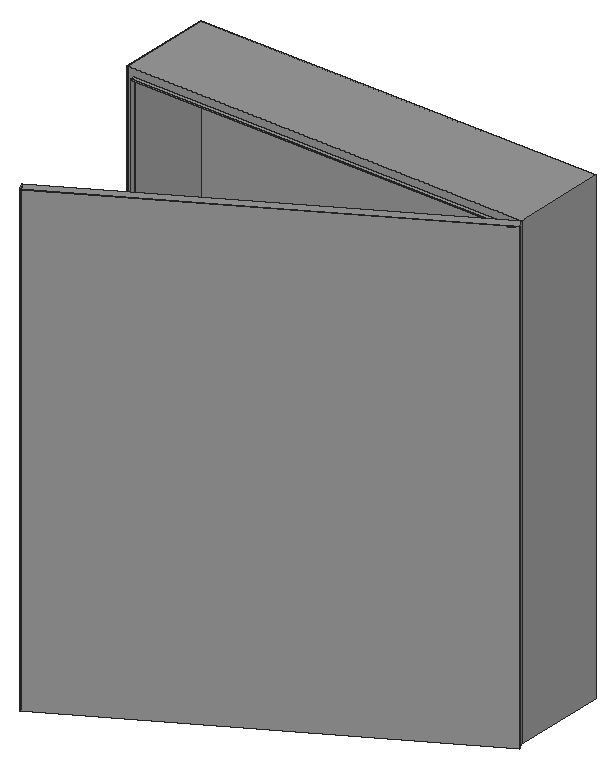
Revit family "Hager-Univers-IP54-D205-H950-Cl.I-Encl-NoHosted-CH-de", category Equipement électrique, Revit 2020
Family settings
  Configuration du panneau = Deux colonnes, circuits au sein
  Cote de connecteur circulaire = Utiliser le diamètre
  Type d'élément = Tableau de raccordement
  Basée sur le plan de construction = Oui
  Toujours verticalement = Oui
  Couper avec des vides une fois chargée = Non
  Partagée = Non
  Point de calcul de pièce = Non
Parameters (values of type "Aufputz IP54 B800 H950 T205  - FP63TW2")
  Width Control [instance] = if([EF000008 - Breite] > Min Width, [EF000008 - Breite], Min Width)  # 800 mm
  Commentaires du type = [HG000003 - Bereich]  # "Univers"
  Thickness Door [instance] = if([EF009171 - Materialstärke Tür/Deckel] > 3 mm, 3 mm, [EF009171 - Materialstärke Tür/Deckel])  # 1 mm
  Seal Frame Offset [instance] = 17 mm  # constant formula
  Plinth Visibility [instance] = [HG000027 - Sockelhöhe] > 0 mm  # no
  Min Width [instance] = 100 mm  # constant formula
  Min Depth [instance] = (2 * [EF009170 - Materialstärke Gehäuse]) + 1 mm  # 3 mm
  Min Height [instance] = 100 mm  # constant formula
  Internal Frame Depth [instance] = (Door System Depth * 0.5)  # 9 mm
  Panel Name [instance] = ""  # (empty or 0)
  Model = ""
  HG000027 - Sockelhöhe = 0 mm
  HG000026 - Stehend auf dem Boden = no
  HG000024 - Höhe des unteren Teils = 600 mm
  HG000023 - Gehäuse mit doppeltem Querschnitt = no
  HG000016 - 3D-Türsichtbarkeit [instance] = yes
  HG000015 - Sichtbarkeit der Türöffnung [instance] = no
  HG000014 - Tür rechts [instance] = yes
  HG000013 - Tür links [instance] = not([HG000014 - Tür rechts])  # no
  HG000012 - Türschwenkwinkel [instance] = 30.00°
  HG000010 - Asymmetrische Türen = no
  HG000009 - Doppelflügeligen Tür = no
  HG000006 - Unterputz = no
  HG000004 - Herstellerreferenz = "FP63TW2"
  HG000003 - Bereich = "Univers"
  HG000002 - Mit tür = yes
  Frame Offset Bottom [instance] = 10 mm  # constant formula
  Frame Offset [instance] = 15 mm  # constant formula
  EF015940 - Deckel mit Überdruckentlastung = no
  EF011959 - Schutzart (NEMA) = ""
  EF009554 - Anzahl der Öffnungen für Flanschplatten = 6
  EF009212 - Ausführung Deckel = "EV000116 - geschlossen"
  EF009171 - Materialstärke Tür/Deckel = 1 mm
  EF009170 - Materialstärke Gehäuse = 1 mm
  EF008873 - Nennstrom (In) = 250 A
  EF007800 - Geeignet für Blitzschutz = no
  EF006306 - Mit Schloss = no
  EF006244 - Transparenter Deckel/Tür = no
  EF005474 - Schutzart (IP) = "EV006419 - IP54"
  EF004464 - Art der Tür = "EV002646 - Einzel"
  EF004427 - Anzahl der Module = 216
  EF004293 - Schlagfestigkeit = "EV006815 - IK09"
  EF003532 - Geeignet für Außengebrauch = no
  EF002950 - Breite in Teilungseinheiten = 36
  EF001613 - Funktionserhalt = "EV000494 - ohne"
  EF001596 - Werkstoff des Gehäuses = "EV000179 - Stahl"
  EF001131 - Innentiefe = 130 mm
  EF001088 - Anbaumöglichkeit = yes
  EF000437 - Anzahl der Leitungseinführungen = 6
  EF000339 - Art der Abdeckung = "EV001012 - Deckel"
  EF000266 - Anzahl der Reihen = 6
  EF000218 - Einbautiefe = 205 mm
  EF000118 - Mit Montageplatte = no
  EF000116 - RAL-Nummer = "9010"
  EF000049 - Tiefe = 205 mm
  EF000040 - Höhe = 950 mm
  EF000008 - Breite = 800 mm
  EF000007 - Farbe = "EV000202 - weiß"
  EF000003 - Montageart = "EV000384 - Aufputz"
  Door System Leaf Tolerance [instance] = 1.5 mm  # constant formula
  Door System Depth [instance] = 18 mm  # constant formula
  Door Height [instance] = Height Control - [HG000027 - Sockelhöhe]  # 950 mm
  Description = ""
  Default Elevation = 1219.2 mm
  Connector Offset [instance] = Height Control / 2  # 475 mm
  Fabricant = "Hager"  # constant formula
  Height Control [instance] = if([EF000040 - Höhe] > Min Height, [EF000040 - Höhe], Min Height)  # 950 mm
  Depth Control [instance] = if([EF000049 - Tiefe] > Min Depth, [EF000049 - Tiefe], Min Depth)  # 205 mm
  Bottom Top Plate Trim [instance] = 1.5 mm  # constant formula
  Plinth height Ctrl [instance] = if([HG000027 - Sockelhöhe] > 0 mm, [HG000027 - Sockelhöhe], 12 mm)  # 12 mm
Types (5, lengths in mm): name | Width Control | HG000004 - Herstellerreferenz | EF009554 - Anzahl der Öffnungen für Flanschplatten | EF004464 - Art der Tür | EF004427 - Anzahl der Module | EF002950 - Breite in Teilungseinheiten | EF000437 - Anzahl der Leitungseinführungen | EF000008 - Breite
  Aufputz IP54 B1050 H950 T205  - FP64TW2 | 1050 | "FP64TW2" | 8 | "EV003602 - Doppel" | 288 | 48 | 8 | 1050
  Aufputz IP54 B1300 H950 T205  - FP65TW2 | 1300 | "FP65TW2" | 10 | "EV003602 - Doppel" | 360 | 60 | 10 | 1300
  Aufputz IP54 B300 H950 T205  - FP61TW2 | 300 | "FP61TW2" | 2 | "EV002646 - Einzel" | 72 | 12 | 2 | 300
  Aufputz IP54 B550 H950 T205  - FP62TW2 | 550 | "FP62TW2" | 4 | "EV002646 - Einzel" | 144 | 24 | 4 | 550
  Aufputz IP54 B800 H950 T205  - FP63TW2 | 800 | "FP63TW2" | 6 | "EV002646 - Einzel" | 216 | 36 | 6 | 800
Reference planes
  plane 1 "Center (Front/Back)": y = 0
  plane 2: z = 0
  plane 3 "Center (Left/Right)": x = 0
  plane 4: y = 0
  plane 5: y = 0
  plane 6: z = 0
  plane 7: x = -400
  plane 8: x = 400
  plane 9: x = 399
  plane 10: x = -399
  plane 11: z = 0
  plane 12: z = 1
  plane 13: y = -205
  plane 14: y = -1
  plane 15: x = 0
  plane 16: y = -187
  plane 17: y = -204
  plane 18: y = -186
  plane 19: x = -384
  plane 20: x = 384
  plane 21: z = 11
  plane 22: x = -383
  plane 23: x = 383
  plane 24: z = 0
  plane 25: z = 950
  plane 26: z = 950
  plane 27: z = 934
  plane 28: z = 949
Forms (mm)
  Extrusion 1, solid, material "Hager_Steel_RAL7035_Light_Grey", detail levels medium+fine
    sketch origin (-208.679, -4572, 0) x (-1, 0, 0) y (0, -1, 0)
      loop
        line (191.321, -4385) -> (-608.679, -4385) -> (-608.679, -4572) -> (191.321, -4572) -> (191.321, -4385)
    from 0 to 950
  Extrusion 2, void
    sketch origin (-350.771, -205, 1219.2) x (1, 0, 0) y (0, 0, 1)
      loop
        line (-48.229, -270.2) -> (-48.229, -1218.2) -> (749.771, -1218.2) -> (749.771, -270.2) -> (-48.229, -270.2)
    from -19 to -204
  Extrusion 3, void
    sketch origin (-290.084, -187, 1219.2) x (1, 0, 0) y (0, 0, 1)
      loop
        line (-93.916, -1208.2) -> (674.084, -1208.2) -> (674.084, -285.2) -> (-93.916, -285.2) -> (-93.916, -1208.2)
    from 0 to -1
  Extrusion 4, solid, material "Hager_Steel_RAL7035_Light_Grey", visible <- "Plinth Visibility", detail levels medium+fine
    sketch origin (0, 0, 0) x (1, 0, 0) y (0, 1, 0)
      loop
        line (-400, 0) -> (-400, -187) -> (400, -187) -> (400, 0) -> (-400, 0)
    from 0 to 12 <- "Plinth height Ctrl"
  Extrusion 5, solid, material "Hager_Steel_RAL7035_Light_Grey", detail levels coarse
    sketch origin (0, 0, 0) x (1, 0, 0) y (0, 1, 0)
      loop
        line (-400, 0) -> (-400, -205) -> (400, -205) -> (400, 0) -> (-400, 0)
    from 0 to 950 <- "Height Control"
  Sweep 6, void
    path in 3D
      loop
        line (-400, -187, 12) -> (400, -187, 12) -> (400, 0, 12) -> (-400, 0, 12) -> (-400, -187, 12)
    profile origin (-400, -93.5, 12) x (1, 0, 0) y (0, 0, 1)
      loop
        line (0, 0) -> (0, -1.5) -> (1.5, -1.5)
        arc (1.5, -1.5) -> (1.061, -0.439) -> (0, 0) r 1.5
  Extrusion 7, solid, material "Hager_Steel_RAL7035_Light_Grey", detail levels fine
    sketch origin (-400, -187, 0) x (1, 0, 0) y (0, 0, 1)
      loop
        line (16, 11) -> (784, 11) -> (784, 934) -> (16, 934) -> (16, 11)
      loop
        line (15, 10) -> (785, 10) -> (785, 935) -> (15, 935) -> (15, 10)
    from 0 to 9 <- "Internal Frame Depth"
Cuts and joins
  Extrusion 2, Extrusion 3 cuts Extrusion 1
  Sweep 6 cuts Extrusion 4
Lines and regions (mm)
  Masking region 1
    outline origin (0, 0, 0) x (1, 0, 0) y (0, 1, 0)
      loop
        line (-400, 0) -> (-400, -205) -> (400, -205) -> (400, 0) -> (-400, 0)
  Masking region 2, detail levels coarse
    outline origin (-290.084, -187, 1219.2) x (-1, 0, 0) y (0, 0, 1)
      loop
        line (-690.084, -1219.2) -> (109.916, -1219.2) -> (109.916, -269.2) -> (-690.084, -269.2) -> (-690.084, -1219.2)
  Masking region 3, detail levels coarse
    outline origin (0, 0, 0) x (0, 1, 0) y (0, 0, 1)
      loop
        line (0, 0) -> (0, 950) -> (-205, 950) -> (-205, 0) -> (0, 0)
  Masking region 4, visible <- "Plinth Visibility", detail levels medium+fine
    outline origin (0, 0, 0) x (0, 1, 0) y (0, 0, 1)
      loop
        line (-1.5, 12) -> (-185.5, 12)
        arc (-185.5, 12) -> (-185.939, 10.939) -> (-187, 10.5) r 1.5
        line (-187, 10.5) -> (-187, 0) -> (0, 0) -> (0, 10.5)
        arc (0, 10.5) -> (-1.061, 10.939) -> (-1.5, 12) r 1.5
  Masking region 5, detail levels medium+fine
    outline origin (0, 0, 594.038) x (0, 1, 0) y (0, 0, 1)
      loop
        line (0, -594.038) -> (0, 355.962) -> (-187, 355.962) -> (-187, -594.038) -> (0, -594.038)
  Masking region 6, detail levels medium+fine
    outline origin (-359.7, -187, 1211.883) x (-1, 0, 0) y (0, 0, 1)
      loop
        line (-759.7, -1211.883) -> (40.3, -1211.883) -> (40.3, -261.883) -> (-759.7, -261.883) -> (-759.7, -1211.883)
  Masking region 7, visible <- "Plinth Visibility", detail levels medium+fine
    outline origin (-320.334, -187, 1041.368) x (-1, 0, 0) y (0, 0, 1)
      loop
        line (-720.334, -1041.368) -> (79.666, -1041.368) -> (79.666, -1030.868)
        arc (79.666, -1030.868) -> (78.606, -1030.429) -> (78.166, -1029.368) r 1.5
        line (78.166, -1029.368) -> (-718.834, -1029.368)
        arc (-718.834, -1029.368) -> (-719.273, -1030.429) -> (-720.334, -1030.868) r 1.5
        line (-720.334, -1030.868) -> (-720.334, -1041.368)
  sketch lines
    curve 1: line (-400, 0, 12) -> (-400, -187, 12)
    curve 2: line (-400, -187, 12) -> (400, -187, 12)
    curve 3: line (400, 0, 12) -> (-400, 0, 12)
    curve 4: line (400, -187, 12) -> (400, 0, 12)
Dimensions and locks
  locked: plane 1 "Center (Front/Back)" to plane 5
  "EF009170 - Materialstärke Gehäuse": plane 7 to plane 10
  "EF009170 - Materialstärke Gehäuse": plane 8 to plane 9
  equal spacing: plane 7, plane 3 "Center (Left/Right)", plane 8
  "Width Control": plane 7 to plane 8
  "Depth Control": plane 4 to plane 13
  "EF009170 - Materialstärke Gehäuse": plane 4 to plane 14
  "Height Control": plane 25 to level
  "HG000027 - Sockelhöhe": plane 11 to level
  "EF009170 - Materialstärke Gehäuse": plane 12 to plane 11
  "EF009170 - Materialstärke Gehäuse": plane 17 to plane 13
  "EF009170 - Materialstärke Gehäuse": plane 18 to plane 16
  "Frame Offset Bottom": plane 21 to plane 12
  "Frame Offset": plane 10 to plane 19
  "Frame Offset": plane 9 to plane 20
  "Door System Depth": plane 16 to plane 13
  "Seal Frame Offset": plane 7 to plane 22
  "Seal Frame Offset": plane 8 to plane 23
  "EF009170 - Materialstärke Gehäuse": plane 26 to plane 28
  "Frame Offset": plane 28 to plane 27
  "Connector Offset": plane 2 to connector elem
  "Bottom Top Plate Trim": profile plane to Sweep 6 sketch curve
  "Bottom Top Plate Trim": Sweep 6 sketch curve to Sweep 6 sketch curve
  "Plinth height Ctrl": Masking region 4 sketch curve to level
  "Plinth height Ctrl": Masking region 7 sketch curve to level
  "Thickness Door": Extrusion 7 sketch curve to Extrusion 7 sketch curve  (x4)
  "Bottom Top Plate Trim": radius of Sweep 6 sketch curve
  "Bottom Top Plate Trim": radius of Masking region 4 sketch curve  (x2)
  "Bottom Top Plate Trim": radius of Masking region 7 sketch curve  (x2)
  aligned and locked: Extrusion 2 sketch curve to plane 12
  aligned and locked: Extrusion 2 sketch curve to plane 9
  aligned and locked: Extrusion 2 sketch curve to plane 10
  aligned and locked: Extrusion 2 to plane 14
  aligned and locked: Extrusion 1 sketch curve to plane 4
  aligned and locked: plane 8 to Extrusion 1 sketch curve
  aligned and locked: plane 7 to Extrusion 1 sketch curve
  aligned and locked: Extrusion 2 to plane 18
  aligned and locked: Extrusion 3 sketch curve to plane 19
  aligned and locked: plane 20 to Extrusion 3 sketch curve
  aligned and locked: Extrusion 3 to Extrusion 2
  aligned and locked: Extrusion 3 sketch curve to plane 21
  aligned and locked: plane 3 "Center (Left/Right)" to nested 1
  aligned and locked: Extrusion 1 sketch curve to plane 16
  aligned and locked: Extrusion 4 sketch curve to cut or joined group of Extrusion 1, Extrusion 2, Extrusion 3
  aligned and locked: Masking region 1 sketch curve to plane 7
  aligned and locked: Masking region 1 sketch curve to plane 5
  aligned and locked: Masking region 1 sketch curve to plane 8
  aligned and locked: Masking region 2 sketch curve to level
  aligned and locked: level to Masking region 3 sketch curve
  aligned and locked: plane 1 "Center (Front/Back)" to Masking region 3 sketch curve
  aligned and locked: plane 13 to Masking region 3 sketch curve
  aligned and locked: plane 5 to Masking region 4 sketch curve
  aligned and locked: Masking region 2 sketch curve to plane 8
  aligned and locked: Masking region 2 sketch curve to plane 7
  aligned and locked: plane 7 to nested 2
  aligned and locked: nested 2 to plane 5
  aligned and locked: plane 5 to Masking region 5 sketch curve
  aligned and locked: plane 26 to Masking region 5 sketch curve
  aligned and locked: Extrusion 5 sketch curve to plane 8
  aligned and locked: Extrusion 5 sketch curve to plane 7
  aligned and locked: Extrusion 5 sketch curve to plane 5
  aligned and locked: Extrusion 3 sketch curve to plane 27
  aligned and locked: Extrusion 2 sketch curve to plane 28
  aligned and locked: Masking region 2 to plane 25
  aligned and locked: Extrusion 4 to plane 16
  aligned and locked: profile plane to Sweep 6 sketch curve
  aligned and locked: Masking region 5 sketch curve to plane 24
  aligned and locked: level to Masking region 4 sketch curve
  aligned and locked: Masking region 1 to plane 13
  aligned and locked: nested 1 to plane 16
  aligned and locked: Masking region 3 to plane 25
  aligned and locked: plane 16 to Masking region 4 sketch curve
  aligned and locked: Masking region 5 sketch curve to plane 16
  aligned and locked: plane 24 to plane 11
  aligned and locked: plane 26 to plane 25
  aligned and locked: plane 26 to cut or joined group of Extrusion 1, Extrusion 2, Extrusion 3
  aligned and locked: nested 1 to plane 24
  aligned and locked: Extrusion 1 to Extrusion 3
  aligned and locked: Masking region 6 sketch curve to plane 8
  aligned and locked: Masking region 6 sketch curve to plane 24
  aligned and locked: Masking region 6 sketch curve to plane 7
  aligned and locked: Masking region 6 sketch curve to plane 26
  aligned and locked: Masking region 7 sketch curve to plane 7
  aligned and locked: level to Masking region 7 sketch curve
  aligned and locked: Masking region 7 sketch curve to plane 8
  aligned and locked: Extrusion 7 sketch curve to cut or joined group of Extrusion 1, Extrusion 2, Extrusion 3  (x4)
Automatic sketch dimensions
  plane 19 to Extrusion 3 sketch curve = 0 mm
  Extrusion 3 sketch curve to plane 20 = 0 mm
  Extrusion 3 sketch curve to plane 21 = 0 mm
  Extrusion 4 sketch curve to plane 7 = 0 mm
  Extrusion 4 sketch curve to plane 8 = 0 mm
  Extrusion 4 sketch curve to plane 16 = 0 mm
  Masking region 1 sketch curve to plane 13 = 0 mm
  Masking region 2 sketch curve to plane 25 = 0 mm
  Masking region 3 sketch curve to plane 25 = 0 mm
  Extrusion 5 sketch curve to plane 13 = 0 mm
  profile plane to Sweep 6 sketch curve = 0 mm
Nested families
  nested 1: "EC000058_Univers_Door" at (0, -187, 0), Double <- "HG000009 - Doppelflügeligen Tür", Transparent <- "EF006244 - Transparenter Deckel/Tür", Angle <- "HG000012 - Türschwenkwinkel", Door_Right <- "HG000014 - Tür rechts", Assymetrical <- "HG000010 - Asymmetrische Türen", Door <- "HG000002 - Mit tür", Width_Ctrl <- "Width Control", 3d_Door <- "HG000016 - 3D-Türsichtbarkeit", Clearance <- "HG000015 - Sichtbarkeit der Türöffnung", Door_Left <- "HG000013 - Tür links", Width <- "Width Control", Door_Depth <- "Door System Depth", Leaf_Tolerance <- "Door System Leaf Tolerance", Height <- "Door Height", Lock_Visibility <- "EF006306 - Mit Schloss", Thickness <- "Thickness Door", type "EC000058_Univers_Door", detail levels medium+fine
    with min_wh 3 mm, Width_Ctrl 800 mm, Width 800 mm, Transparent no, Thickness 1 mm, Seal_Material Hager_Rubber, Lock_Visibility no, Lock_Material Hager_Plastic_RAL9005_Jet_Black, Leaf_Width 800 mm, Leaf_Tolerance_External_Sides 0 mm, Leaf_Tolerance 1.5 mm, Leaf_Offset 0 mm, Leaf_Height 947 mm, Leaf_2_Width 800 mm, Leaf_2_Offset 400 mm, Leaf_1_Width 800 mm, Leaf_1_Offset 400 mm, Height_Ctrl 950 mm, Height 950 mm, Glass_Material Hager_Glass, Double_Clearance_Ctrl no, Double no, Door_Right_Ctrl yes, Door_Right yes, Door_Material Hager_Steel_RAL7035_Light_Grey, Door_Left_Ctrl no, Door_Left no, Door_Depth 18 mm, Door yes, Clearance_Material Hager_Clearance, Clearance_Depth 800 mm, Clearance_Ctrl no, Clearance no, Assymetrical no, Angle 30.00°, 3d_Door yes
  nested 2: "Hager_Enclosure_Symbol" at (-400, 0, 0), Height <- "Depth Control", Width <- "Width Control", type "Hager_Enclosure_Symbol"
    with Width_Ctrl 800 mm, Width 800 mm, Height_Ctrl 205 mm, Height 205 mm, A_Width_Int 13.453 mm, A_Width 161.438 mm, A_Height_Ctrl 179.375 mm, A_Height 179.375 mm
Connectors
  electrical at (0, 0, 475)
    settings: on plane 1 "Center (Front/Back)", index 1, voltage 0 V, apparent load 0 VA, apparent load phase1 0 VA, apparent load phase2 0 VA, apparent load phase3 0 VA, power factor 1, load classification "Other", number of poles 1, system type 30, power factor state 1, is connector primary yes, connector utility no, sub classification motor no, connector description ""
Definition of nested family "EC000058_Univers_Door"
  Parameters (values of type "EC000058_Univers_Door")
    min_wh [instance] = (2 * Thickness) + 1 mm  # 11 mm
    Width_Ctrl [instance] = 400 mm
    Width [instance] = 500 mm
    Transparent [instance] = yes
    Thickness [instance] = 5 mm
    Seal_Material [instance] = none
    Lock_Visibility [instance] = yes
    Lock_Material [instance] = none
    Leaf_Width [instance] = if((Width_Ctrl - 2 * Leaf_Tolerance_External_Sides) > 0 mm, (Width_Ctrl - 2 * Leaf_Tolerance_External_Sides), min_wh)  # 400 mm
    Leaf_Tolerance_External_Sides [instance] = 0 mm  # constant formula
    Leaf_Tolerance [instance] = 1.5 mm
    Leaf_Offset [instance] = 0 mm  # constant formula
    Leaf_Height [instance] = if((Height_Ctrl - 2 * Leaf_Tolerance) > 0 mm, (Height_Ctrl - 2 * Leaf_Tolerance), min_wh)  # 497 mm
    Leaf_2_Width [instance] = if(and(and(Double, Assymetrical), Door_Left), (Leaf_Width / 3) - (Leaf_Tolerance / 2), if(and(and(Double, Assymetrical), Door_Right), (Leaf_Width / 3) * 2 - (Leaf_Tolerance / 2), if(and(Double, not(Assymetrical)), (Leaf_Width / 2) - Leaf_Tolerance, Leaf_Width)))  # 400 mm
    Leaf_2_Offset [instance] = if(and(Double, Assymetrical), Leaf_2_Width / 2, if(and(Double, not(Assymetrical)), Leaf_Width / 4, Leaf_Width / 2))  # 200 mm
    Leaf_1_Width [instance] = if(and(and(Double, Assymetrical), Door_Right), (Leaf_Width / 3) - (Leaf_Tolerance / 2), if(and(and(Double, Assymetrical), Door_Left), (Width / 3) * 2 - (Leaf_Tolerance / 2), if(and(Double, not(Assymetrical)), (Leaf_Width / 2) - Leaf_Tolerance, Leaf_Width)))  # 400 mm
    Leaf_1_Offset [instance] = if(and(Double, Assymetrical), Leaf_1_Width / 2, if(and(Double, not(Assymetrical)), Leaf_Width / 4, Leaf_Width / 2))  # 200 mm
    Height_Ctrl [instance] = if(Height > min_wh, Height, min_wh)  # 500 mm
    Height [instance] = 500 mm
    Glass_Material [instance] = none
    Double_Clearance_Ctrl [instance] = and(Double, Clearance)  # no
    Double [instance] = no
    Door_Right_Ctrl [instance] = and(or(Door_Right, Double), Door)  # yes
    Door_Right [instance] = yes
    Door_Material [instance] = none
    Door_Left_Ctrl [instance] = and(or(Door_Left, Double), Door)  # no
    Door_Left [instance] = no
    Door_Depth [instance] = 30 mm
    Door [instance] = yes
    Default Elevation = 1219.2 mm
    Clearance_Material [instance] = none
    Clearance_Depth [instance] = if(Leaf_1_Width > Leaf_2_Width, Leaf_1_Width, Leaf_2_Width)  # 400 mm
    Clearance_Ctrl [instance] = and(not(Double), Clearance)  # yes
    Clearance [instance] = yes
    Assymetrical [instance] = yes
    Angle [instance] = 30.00°
    3d_Door [instance] = yes
  Reference planes
    plane 1 "Center (Front/Back)": y = 0
    plane 2 "Bottom": z = 0
    plane 3 "Center (Left/Right)": x = 0
    plane 4: z = 500
    plane 5: x = -200
    plane 6: x = 200
    plane 7: z = 500
    plane 8: x = -200
    plane 9: z = 0
    plane 10: x = 200
    plane 11: y = 0
    plane 12: z = 1.5
    plane 13: x = -600
    plane 14: y = -400
    plane 15: x = 600
    plane 16: x = 0
    plane 17: x = 0
    plane 18: x = -200
    plane 19: x = 200
    plane 20: z = 498.5
  Forms (mm)
    Extrusion 1, solid, material <- "Clearance_Material", visible <- "Double_Clearance_Ctrl"
      sketch origin (1200, 0, 0) x (1, 0, 0) y (0, 0, -1)
        loop
          line (-1800, -498.5) -> (-600, -498.5) -> (-600, 0) -> (-1800, 0) -> (-1800, -498.5)
      from 0 to -400
  Dimensions and locks
    equal spacing: plane 5, plane 3 "Center (Left/Right)", plane 6
    "Width_Ctrl": plane 5 to plane 6
    "Leaf_Offset": plane 5 to plane 8
    "Leaf_Offset": plane 6 to plane 10
    "Leaf_Offset": plane 9 to level
    "Leaf_Offset": plane 4 to plane 7
    "Height_Ctrl": plane 4 to level
    "Leaf_Tolerance": plane 12 to plane 9
    locked: plane 11 to plane 1 "Center (Front/Back)"
    "Leaf_1_Offset": plane 18 to plane 16
    "Leaf_2_Offset": plane 17 to plane 19
    "Leaf_1_Width": plane 13 to plane 8
    "Leaf_2_Width": plane 10 to plane 15
    "Clearance_Depth": plane 14 to plane 1 "Center (Front/Back)"
    "Leaf_Tolerance_External_Sides": plane 8 to plane 18
    "Leaf_Tolerance_External_Sides": plane 19 to plane 10
    "Leaf_Tolerance": plane 7 to plane 20
    aligned and locked: level to plane 2 "Bottom"
    aligned and locked: nested 1 to plane 16
    aligned and locked: nested 2 to plane 17
    aligned and locked: Extrusion 1 to plane 13
    aligned and locked: plane 15 to Extrusion 1
    aligned and locked: Extrusion 1 to plane 14
    aligned and locked: plane 12 to nested 1
    aligned and locked: nested 2 to plane 12
    aligned and locked: Extrusion 1 to plane 11
    aligned and locked: plane 20 to Extrusion 1
    aligned and locked: nested 2 to plane 11
    aligned and locked: nested 1 to plane 11
  Automatic sketch dimensions
    Extrusion 1 sketch curve to level = 0 mm
    plane 5 to Extrusion 1 sketch curve = 400 mm
    plane 6 to Extrusion 1 sketch curve = 400 mm
    Extrusion 1 sketch curve to plane 4 = 1.5 mm
  Nested families
    nested 1: "EC000058_Univers_Door_Leaf" at (0, 0, 1.5), Width <- "Leaf_1_Width", visible <- "Door_Left_Ctrl", Leaf_Height <- "Leaf_Height", Angle <- "Angle", 3d_Door <- "3d_Door", Transparent <- "Transparent", Clearance Material <- "Clearance_Material", Clearance <- "Clearance_Ctrl", Door_Material <- "Door_Material", Glass_Material <- "Glass_Material", Door_Depth <- "Door_Depth", Lock_Material <- "Lock_Material", Seal_Material <- "Seal_Material", Lock_Visibility <- "Lock_Visibility", Thickness <- "Thickness", type "EC000058_Univers_Door_Leaf"
      with Width 400 mm, Transparent_Glass_Offset 30 mm, Transparent_Ctrl yes, Transparent yes, Thickness 5 mm, Standard no, Seal_Material none, Seal_D2 8 mm, Seal_D1 1 mm, Offset_Internal_Frame 10 mm, Lock_Width 20 mm, Lock_Visibility_3d yes, Lock_Visibility yes, Lock_Thickness_3 3 mm, Lock_Thickness_2 1 mm, Lock_Thickness_1 3 mm, Lock_Radius_Offset_2 16 mm, Lock_Radius_Offset_1 15 mm, Lock_Radius_2 5 mm, Lock_Radius 6 mm, Lock_Offset 5 mm, Lock_Material none, Lock_Height 80 mm, Lock_Cover_Top_Offset_2d 17 mm, Lock_Cover_Height -65 mm, Leaf_Height 497 mm, Internal_Seal_Thickness 8 mm, Internal_Seal_Depth_2 4.5 mm, Internal_Frame_Depth 25 mm, Glass_Thickness -1 mm, Glass_Offset -2 mm, Glass_Material none, Door_Material none, Door_Depth 30 mm, Clearance Material none, Clearance yes, Angle_Ctrl 30.00°, Angle 30.00°, 3d_Door yes
    nested 2: "EC000058_Univers_Door_Leaf" at (0, 0, 1.5) x (-1, 0, 0) z (0, 0, 1), Width <- "Leaf_2_Width", visible <- "Door_Right_Ctrl", Leaf_Height <- "Leaf_Height", Angle <- "Angle", 3d_Door <- "3d_Door", Transparent <- "Transparent", Clearance Material <- "Clearance_Material", Clearance <- "Clearance_Ctrl", Door_Material <- "Door_Material", Glass_Material <- "Glass_Material", Door_Depth <- "Door_Depth", Lock_Material <- "Lock_Material", Seal_Material <- "Seal_Material", Lock_Visibility <- "Lock_Visibility", Thickness <- "Thickness", type "EC000058_Univers_Door_Leaf"
      with Width 400 mm, Transparent_Glass_Offset 30 mm, Transparent_Ctrl yes, Transparent yes, Thickness 5 mm, Standard no, Seal_Material none, Seal_D2 8 mm, Seal_D1 1 mm, Offset_Internal_Frame 10 mm, Lock_Width 20 mm, Lock_Visibility_3d yes, Lock_Visibility yes, Lock_Thickness_3 3 mm, Lock_Thickness_2 1 mm, Lock_Thickness_1 3 mm, Lock_Radius_Offset_2 16 mm, Lock_Radius_Offset_1 15 mm, Lock_Radius_2 5 mm, Lock_Radius 6 mm, Lock_Offset 5 mm, Lock_Material none, Lock_Height 80 mm, Lock_Cover_Top_Offset_2d 17 mm, Lock_Cover_Height -65 mm, Leaf_Height 497 mm, Internal_Seal_Thickness 8 mm, Internal_Seal_Depth_2 4.5 mm, Internal_Frame_Depth 25 mm, Glass_Thickness -1 mm, Glass_Offset -2 mm, Glass_Material none, Door_Material none, Door_Depth 30 mm, Clearance Material none, Clearance yes, Angle_Ctrl 30.00°, Angle 30.00°, 3d_Door yes
  Definition of nested family "EC000058_Univers_Door_Leaf"
    Parameters (values of type "EC000058_Univers_Door_Leaf")
      Width [instance] = 2000 mm
      Transparent_Glass_Offset [instance] = 30 mm
      Transparent_Ctrl [instance] = and(Transparent, [3d_Door])  # yes
      Transparent [instance] = yes
      Thickness [instance] = 5 mm
      Standard [instance] = and(not(Transparent), [3d_Door])  # no
      Seal_Material [instance] = none
      Seal_D2 [instance] = 8 mm  # constant formula
      Seal_D1 [instance] = 1 mm  # constant formula
      Offset_Internal_Frame [instance] = 10 mm  # constant formula
      Lock_Width [instance] = 20 mm  # constant formula
      Lock_Visibility_3d [instance] = and(Lock_Visibility, [3d_Door])  # yes
      Lock_Visibility [instance] = yes
      Lock_Thickness_3 [instance] = 3 mm  # constant formula
      Lock_Thickness_2 [instance] = 1 mm  # constant formula
      Lock_Thickness_1 [instance] = 3 mm  # constant formula
      Lock_Radius_Offset_2 [instance] = Lock_Radius_Offset_1 + 1 mm  # 16 mm
      Lock_Radius_Offset_1 [instance] = 15 mm  # constant formula
      Lock_Radius_2 [instance] = Lock_Radius - 1 mm  # 5 mm
      Lock_Radius [instance] = 6 mm  # constant formula
      Lock_Offset [instance] = 5 mm  # constant formula
      Lock_Material [instance] = none
      Lock_Height [instance] = 80 mm  # constant formula
      Lock_Cover_Top_Offset_2d [instance] = Lock_Radius_Offset_2 + 1 mm  # 17 mm
      Lock_Cover_Height [instance] = -(Lock_Height - Lock_Radius_Offset_1)  # -65 mm
      Leaf_Height [instance] = 2720.336 mm
      Internal_Seal_Thickness [instance] = 8 mm  # constant formula
      Internal_Seal_Depth_2 [instance] = 4.5 mm  # constant formula
      Internal_Frame_Depth [instance] = if(Door_Depth - Thickness > 5 mm, Door_Depth - Thickness, 5 mm)  # 25 mm
      Glass_Thickness [instance] = if(Thickness > 15 mm, Glass_Offset + 10 mm, -1 mm)  # -1 mm
      Glass_Offset [instance] = if(Thickness > 15 mm, -(Thickness + 10 mm) / 2, -2 mm)  # -2 mm
      Glass_Material [instance] = none
      Door_Material [instance] = none
      Door_Depth [instance] = 30 mm
      Default Elevation = 0 mm
      Clearance Material [instance] = none
      Clearance [instance] = yes
      Angle_Ctrl [instance] = if(Angle > 180.00°, 180.00°, Angle)  # 90.00°
      Angle [instance] = 90.00°
      3d_Door [instance] = yes
    Reference planes
      plane 1 "Center (Front/Back)": y = 0
      plane 2: z = 0
      plane 3 "Center (Left/Right)": x = 0
      plane 4: y = 2000
      plane 5: x = -1000
      plane 6: x = 1000
      plane 7: x = -3000
      plane 8: z = 2720.336
      plane 9: z = 30
      plane 10: z = 2690.336
      plane 11: x = 970
      plane 12: x = -970
      plane 13: y = -3
      plane 14: z = 107.833
      plane 15: y = -5
      plane 16: y = -223.314
      plane 17: x = -1000
      plane 18: z = 1360.168
      plane 19: y = 30
    Forms (mm)
      Extrusion 1, solid, material <- "Clearance Material", visible <- "Clearance"
        sketch origin (0, 0, 0) x (1, 0, 0) y (0, 0, 1)
          loop
            line (-3000, 2720.336) -> (-3000, 0) -> (1000, 0) -> (1000, 2720.336) -> (-3000, 2720.336)
        from 0 to -2000
      Extrusion 2, solid, material <- "Door_Material", visible <- "Standard", detail levels medium+fine
        sketch origin (-1000, 0, 0) x (0, 1, 0) y (-1, 0, 0)
          loop
            line (0, 30) -> (0, 25) -> (2000, 25) -> (2000, 30) -> (0, 30)
        from 0 to 2720.336 <- "Leaf_Height"
      Extrusion 3, solid, material <- "Door_Material", visible <- "Transparent_Ctrl", detail levels medium+fine
        sketch origin (-1000, 0, 0) x (0, 1, 0) y (-1, 0, 0)
          loop
            line (0, 25) -> (2000, 25) -> (2000, 30) -> (0, 30) -> (0, 25)
        from 0 to 2720.336 <- "Leaf_Height"
      Extrusion 4, void
        sketch origin (-1025, 2000, 0) x (0, 1, 0) y (0, 0, -1)
          loop
            line (-30, -2690.336) -> (-30, -30) -> (-1970, -30) -> (-1970, -2690.336) -> (-30, -2690.336)
        from 0 to 5 <- "Thickness"
      Sweep 5, solid, material <- "Seal_Material", visible <- "Transparent_Ctrl", detail levels fine
        path in 3D
          loop
            line (-1025, 30, 30) -> (-1025, 30, 2690.336) -> (-1025, 1970, 2690.336) -> (-1025, 1970, 30) -> (-1025, 30, 30)
        profile origin (-1025, 1000, 30) x (1, 0, 0) y (0, 0, 1)
          loop
            line (0, 0) -> (0, -8) -> (1, -8) -> (1, 0) -> (0, 0)
      Extrusion 6, solid, material <- "Glass_Material", visible <- "Transparent_Ctrl", detail levels medium+fine
        sketch origin (-1030, 0, 0) x (0, 1, 0) y (0, 0, -1)
          loop
            line (1970, -2690.336) -> (1970, -30) -> (30, -30) -> (30, -2690.336) -> (1970, -2690.336)
        from -2 <- "Glass_Offset" to -1 <- "Glass_Thickness"
      Extrusion 7, solid, material <- "Door_Material", visible <- "3d_Door", detail levels medium+fine
        sketch origin (-1025, 2000, 0) x (0, -1, 0) y (0, 0, -1)
          loop
            line (0, -2720.336) -> (2000, -2720.336) -> (2000, 0) -> (0, 0) -> (0, -2720.336)
          loop
            line (1995, -5) -> (5, -5) -> (5, -2715.336) -> (1995, -2715.336) -> (1995, -5)
        from 0 to 25 <- "Internal_Frame_Depth"
      Sweep 8, solid, material <- "Seal_Material", visible <- "Transparent_Ctrl", detail levels fine
        path in 3D
          loop
            line (-1025, 0, 0) -> (-1025, 2000, 0) -> (-1025, 2000, 2720.336) -> (-1025, 0, 2720.336) -> (-1025, 0, 0)
        profile origin (-1025, 0, 1360.168) x (1, 0, 0) y (0, 1, 0)
          loop
            line (0, 10) -> (2.975, 10)
            arc (2.975, 10) -> (4.053, 10.447) -> (4.5, 11.525) r 1.525
            line (4.5, 11.525) -> (4.5, 16.527)
            arc (4.5, 16.527) -> (4.069, 17.569) -> (3.027, 18) r 1.473
            line (3.027, 18) -> (0, 18) -> (0, 10)
      Extrusion 9, solid, material <- "Lock_Material", visible <- "Lock_Visibility_3d", detail levels fine
        sketch origin (-1030, 0, 0) x (0, 1, 0) y (0, 0, -1)
          loop
            arc (1993.5, -1400.168) -> (1994.561, -1399.729) -> (1995, -1398.668) r 1.5
            line (1995, -1398.668) -> (1995, -1320.168) -> (1975, -1320.168) -> (1975, -1398.668)
            arc (1975, -1398.668) -> (1975.439, -1399.729) -> (1976.5, -1400.168) r 1.5
            line (1976.5, -1400.168) -> (1993.5, -1400.168)
        from 3 <- "Lock_Thickness_1" to 0
      Blend 10, solid, material <- "Lock_Material", visible <- "Lock_Visibility_3d", detail levels fine
        base sketch origin (-1033, 0, 0) x (0, 1, 0) y (0, 0, -1)
          loop
            line (1975, -1320.168) -> (1975, -1398.668)
            arc (1975, -1398.668) -> (1975.439, -1399.729) -> (1976.5, -1400.168) r 1.5
            line (1976.5, -1400.168) -> (1993.5, -1400.168)
            arc (1993.5, -1400.168) -> (1994.561, -1399.729) -> (1995, -1398.668) r 1.5
            line (1995, -1398.668) -> (1995, -1320.168) -> (1975, -1320.168)
        top sketch origin (-1033, 0, 0) x (0, 1, 0) y (0, 0, -1)
          loop
            line (1976, -1320.168) -> (1976, -1398.668)
            arc (1976, -1398.668) -> (1976.146, -1399.022) -> (1976.5, -1399.168) r 0.5
            line (1976.5, -1399.168) -> (1993.5, -1399.168)
            arc (1993.5, -1399.168) -> (1993.854, -1399.022) -> (1994, -1398.668) r 0.5
            line (1994, -1398.668) -> (1994, -1320.168) -> (1976, -1320.168)
        from 0 to 1 <- "Lock_Thickness_2"
      Blend 11, solid, material <- "Lock_Material", visible <- "Lock_Visibility_3d", detail levels fine
        base sketch origin (-1034, 0, 0) x (0, 1, 0) y (0, 0, -1)
          loop
            line (1978, -1320.168) -> (1978, -1384.168)
            arc (1978, -1384.168) -> (1985, -1391.168) -> (1992, -1384.168) r 7
            line (1992, -1384.168) -> (1992, -1320.168) -> (1978, -1320.168)
        top sketch origin (-1034, 0, 0) x (0, 1, 0) y (0, 0, -1)
          loop
            line (1991, -1320.168) -> (1979, -1320.168) -> (1979, -1383.168)
            arc (1979, -1383.168) -> (1985, -1389.168) -> (1991, -1383.168) r 6
            line (1991, -1383.168) -> (1991, -1320.168)
        from 0 to 3 <- "Lock_Thickness_3"
      Extrusion 12, solid, material <- "Lock_Material", visible <- "Lock_Visibility_3d", detail levels fine
        sketch origin (-1030, 1975, 1320.168) x (1, 0, 0) y (0, -1, 0)
          loop
            line (-7, -19) -> (-7, -1) -> (0, -1) -> (0, 0) -> (-8, 0) -> (-8, -20) -> (0, -20) -> (0, -19) -> (-7, -19)
        from 0 to -65 <- "Lock_Cover_Height"
      Extrusion 13, void
        sketch origin (-1038, 1995, 1320.168) x (-1, 0, 0) y (0, 0, -1)
          loop
            line (-5, -65) -> (0, -65) -> (-5, -60) -> (-5, -65)
        from 0 to 20 <- "Lock_Width"
      Extrusion 14, void
        sketch origin (-1038, 1975, 1320.168) x (0, -1, 0) y (0, 0, -1)
          loop
            circle (-10, -15.995) r 6
          loop
            circle (-10, -15.995) r 5
        from 0 to 2
      Extrusion 15, solid, material <- "Lock_Material", visible <- "Lock_Visibility_3d", detail levels medium
        sketch origin (-1030, 0, 0) x (0, 1, 0) y (0, 0, -1)
          loop
            arc (1993.5, -1400.168) -> (1994.561, -1399.729) -> (1995, -1398.668) r 1.5
            line (1995, -1398.668) -> (1995, -1320.168) -> (1975, -1320.168) -> (1975, -1398.668)
            arc (1975, -1398.668) -> (1975.439, -1399.729) -> (1976.5, -1400.168) r 1.5
            line (1976.5, -1400.168) -> (1993.5, -1400.168)
        from 8 to 0
    Cuts and joins
      Extrusion 4 cuts Extrusion 3
      Extrusion 13, Extrusion 14 cuts Extrusion 9
      Extrusion 14 cuts Blend 11
      Extrusion 13, Extrusion 14 cuts Extrusion 12
      joined: Extrusion 9, Blend 10, Blend 11, Extrusion 12
      Extrusion 14 cuts Extrusion 15
    Lines and regions (mm)
      Masking region 1, visible <- "Lock_Visibility", detail levels fine
        outline origin (0, 0, 0) x (0, 1, 0) y (0, 0, 1)
          loop
            line (30, 1320.168) -> (33, 1320.168) -> (33, 1400.168) -> (30, 1400.168) -> (30, 1320.168)
      Masking region 2, visible <- "Lock_Visibility", detail levels fine
        outline origin (0, 3.143, 0) x (0, 1, 0) y (0, 0, 1)
          loop
            line (29.857, 1354.168) -> (30.857, 1354.168) -> (30.857, 1366.168) -> (29.857, 1366.168) -> (29.857, 1354.168)
      Masking region 3, detail levels medium+fine
        outline origin (0, 0, 0) x (0, 1, 0) y (0, 0, 1)
          loop
            line (0, 0) -> (30, 0) -> (30, 2720.336) -> (0, 2720.336) -> (0, 0)
      Masking region 4, detail levels medium+fine
        outline origin (0, 0, 0) x (1, 0, 0) y (0, 0, 1)
          loop
            line (-1000, 2720.336) -> (-1000, 0) -> (1000, 0) -> (1000, 2720.336) -> (-1000, 2720.336)
      Masking region 5, visible <- "Lock_Visibility", detail levels fine
        outline origin (-47.116, 0, 0) x (1, 0, 0) y (0, 0, 1)
          loop
            arc (1024.616, 1399.168) -> (1023.556, 1398.729) -> (1023.116, 1397.668) r 1.5
            line (1023.116, 1397.668) -> (1023.116, 1320.168) -> (1041.116, 1320.168) -> (1041.116, 1397.668)
            arc (1041.116, 1397.668) -> (1040.677, 1398.729) -> (1039.616, 1399.168) r 1.5
            line (1039.616, 1399.168) -> (1024.616, 1399.168)
      Masking region 6, visible <- "Lock_Visibility", detail levels medium+fine
        outline origin (-25, 0, 0) x (1, 0, 0) y (0, 0, 1)
          loop
            arc (1001.5, 1400.168) -> (1000.439, 1399.729) -> (1000, 1398.668) r 1.5
            line (1000, 1398.668) -> (1000, 1320.168) -> (1020, 1320.168) -> (1020, 1398.668)
            arc (1020, 1398.668) -> (1019.561, 1399.729) -> (1018.5, 1400.168) r 1.5
            line (1018.5, 1400.168) -> (1001.5, 1400.168)
      Masking region 7, visible <- "Lock_Visibility", detail levels fine
        outline origin (-73.735, 0, 0) x (1, 0, 0) y (0, 0, 1)
          loop
            line (1051.735, 1382.168) -> (1065.735, 1382.168) -> (1065.735, 1384.168)
            arc (1065.735, 1384.168) -> (1058.735, 1391.168) -> (1051.735, 1384.168) r 7
            line (1051.735, 1384.168) -> (1051.735, 1382.168)
      Masking region 8, visible <- "Lock_Visibility", detail levels fine
        outline origin (-73.735, 0, 0) x (1, 0, 0) y (0, 0, 1)
          loop
            line (1052.735, 1382.168) -> (1064.735, 1382.168) -> (1064.735, 1383.168)
            arc (1064.735, 1383.168) -> (1058.735, 1389.168) -> (1052.735, 1383.168) r 6
            line (1052.735, 1383.168) -> (1052.735, 1382.168)
      Masking region 9, visible <- "Lock_Visibility", detail levels fine
        outline origin (-25, 0, 0) x (1, 0, 0) y (0, 0, 1)
          loop
            line (1020, 1320.168) -> (1020, 1382.168) -> (1000, 1382.168) -> (1000, 1320.168) -> (1020, 1320.168)
      Masking region 10, detail levels medium+fine
        outline origin (0, 0, 0) x (1, 0, 0) y (0, 0, 1)
          loop
            circle (985, 1335.144) r 6
      Masking region 11, detail levels fine
        outline origin (0, 0, 0) x (1, 0, 0) y (0, 0, 1)
          loop
            circle (985, 1335.144) r 5
      Masking region 12, visible <- "Lock_Visibility", detail levels fine
        outline origin (0, 12.767, 0) x (0, 1, 0) y (0, 0, 1)
          loop
            line (20.233, 1320.168) -> (21.233, 1320.168) -> (21.233, 1399.168) -> (20.233, 1400.168) -> (20.233, 1320.168)
      Masking region 13, visible <- "Lock_Visibility", detail levels fine
        outline origin (0, 13.767, -10) x (0, 1, 0) y (0, 0, 1)
          loop
            line (20.233, 1330.168) -> (23.233, 1330.168) -> (23.233, 1399.168) -> (20.233, 1402.168) -> (20.233, 1330.168)
      Masking region 14, visible <- "Lock_Visibility", detail levels fine
        outline origin (0, 12.767, -10) x (0, 1, 0) y (0, 0, 1)
          loop
            line (20.233, 1330.168) -> (25.233, 1330.168) -> (25.233, 1399.305) -> (20.233, 1394.305) -> (20.233, 1330.168)
      Masking region 15, visible <- "Lock_Visibility", detail levels medium
        outline origin (0, 0, 0) x (0, 1, 0) y (0, 0, 1)
          loop
            line (30, 1320.168) -> (38, 1320.168) -> (38, 1400.168) -> (30, 1400.168) -> (30, 1320.168)
      Masking region 16, visible <- "Lock_Visibility", detail levels fine
        outline origin (-1000, 0, 0) x (0, 1, 0) y (-1, 0, 0)
          loop
            line (1975, 30) -> (1995, 30) -> (1995, 38) -> (1975, 38) -> (1975, 30)
          loop
            line (1979, 37) -> (1976, 37) -> (1976, 34) -> (1978, 34) -> (1979, 37)
          loop
            line (1994, 37) -> (1991, 37) -> (1992, 34) -> (1994, 34) -> (1994, 37)
      Masking region 17, visible <- "Lock_Visibility", detail levels medium
        outline origin (-1000, 0, 0) x (0, 1, 0) y (-1, 0, 0)
          loop
            line (1975, 30) -> (1995, 30) -> (1995, 38) -> (1975, 38) -> (1975, 30)
      symbolic lines
        curve 1: line (1000, 0, 0) -> (-3000, 0, 0)
        curve 2: arc (1000, 0, 0) -> (-1000, 2000, 0) -> (-3000, 0, 0) r 2000
        curve 4: line (-1030, 0, 0) -> (-1030, 2000, 0)
      reference lines
        curve 3: line (-1000, 0, 0) -> (-1000, 2000, 0)
      symbolic lines, detail levels medium+fine
        curve 5: line (-1030, 2000, 0) -> (-1025, 2000, 0)
        curve 7: line (-1025, 0, 0) -> (-1030, 0, 0)
        curve 8: line (-1025, 0, 0) -> (-1000, 0, 0)
        curve 9: line (-1000, 0, 0) -> (-1000, 2000, 0)
        curve 10: line (-1000, 2000, 0) -> (-1025, 2000, 0)
      symbolic lines, detail levels fine
        curve 6: line (-1025, 2000, 0) -> (-1025, 0, 0)
      sketch lines
        curve 11: line (-1025, 0, 2720.336) -> (-1025, 0, 0)
        curve 12: line (-1025, 2000, 0) -> (-1025, 0, 0)
        curve 13: line (-1025, 2000, 2720.336) -> (-1025, 2000, 0)
        curve 14: line (-1025, 0, 2720.336) -> (-1025, 2000, 2720.336)
        curve 15: line (-1025, 1970, 30) -> (-1025, 30, 30)
        curve 16: line (-1025, 30, 30) -> (-1025, 30, 2690.336)
        curve 17: line (-1025, 1970, 2690.336) -> (-1025, 1970, 30)
        curve 18: line (-1025, 30, 2690.336) -> (-1025, 1970, 2690.336)
      symbolic lines, visible <- "Transparent", detail levels medium+fine
        curve 19: line (-970, 0, 2690.336) -> (970, 0, 2690.336)
        curve 20: line (-970, 0, 30) -> (-970, 0, 2690.336)
        curve 21: line (970, 0, 30) -> (-970, 0, 30)
        curve 22: line (970, 0, 2690.336) -> (970, 0, 30)
    Dimensions and locks
      "Width": plane 1 "Center (Front/Back)" to plane 4
      equal spacing: plane 5, plane 3 "Center (Left/Right)", plane 6
      "Width": plane 5 to plane 6
      "Width": plane 7 to plane 5
      "Leaf_Height": plane 8 to level
      "Width": curve 5 to curve 3
      "Width": curve 3 to curve 3
      plane 8 to plane 10 = 30 mm
      plane 9 to level = 30 mm
      plane 12 to plane 5 = 30 mm
      plane 6 to plane 11 = 30 mm
      Extrusion 1 to Extrusion 4 sketch curve = 30 mm
      "Transparent_Glass_Offset": curve 3 to Extrusion 4 sketch curve
      "Transparent_Glass_Offset": Extrusion 4 sketch curve to cut or joined group of Extrusion 3, Extrusion 4  (x2)
      cut or joined group of Extrusion 3, Extrusion 4 to Extrusion 6 sketch curve = 30 mm
      "Transparent_Glass_Offset": cut or joined group of Extrusion 3, Extrusion 4 to Extrusion 4 sketch curve
      "Thickness": curve 6 to curve 4
      "Thickness": Extrusion 7 sketch curve to Extrusion 7 sketch curve  (x4)
      "Door_Depth": curve 4 to curve 3
      "Offset_Internal_Frame": profile plane to Sweep 8 sketch curve
      "Internal_Seal_Thickness": Sweep 8 sketch curve to Sweep 8 sketch curve
      "Internal_Seal_Depth_2": profile plane to Sweep 8 sketch curve
      "Seal_D1": profile plane to Sweep 5 sketch curve
      "Seal_D2": profile plane to Sweep 5 sketch curve
      "Thickness": Extrusion 2 sketch curve to Extrusion 2 sketch curve
      equal spacing: Extrusion 9 sketch curve, plane 18, Extrusion 9 sketch curve  (x2)
      equal spacing: Masking region 1 sketch curve, plane 18, Masking region 1 sketch curve
      "Lock_Height": Masking region 1 sketch curve to Masking region 1 sketch curve
      "Lock_Radius": Masking region 2 sketch curve to plane 18 to Masking region 2 sketch curve
      Masking region 2 sketch curve to Masking region 1 = 1 mm
      "Door_Depth": plane 19 to plane 1 "Center (Front/Back)"
      "Lock_Thickness_1": Masking region 1 sketch curve to plane 19
      "Lock_Width": Extrusion 9 sketch curve to Extrusion 9 sketch curve
      "Lock_Height": Extrusion 9 sketch curve to Extrusion 9 sketch curve
      "Lock_Offset": cut or joined group of Extrusion 3, Extrusion 4 to Extrusion 9 sketch curve
      equal spacing: plane 8, plane 18, level
      "Lock_Radius_Offset_1": Blend 11 sketch curve to Blend 10
      locked: Blend 10 to Blend 11 sketch curve at 2  (x2)
      locked: var sketch to Blend 11 sketch curve at 1  (x2)
      "Lock_Radius_Offset_2": Blend 11 sketch curve to Blend 10
      locked: Extrusion 12 sketch curve to Extrusion 12 sketch curve at 1  (x3)
      Masking region 6 sketch curve to Masking region 6 sketch curve = 80 mm
      "Lock_Height": Masking region 6 sketch curve to Masking region 6 sketch curve
      "Lock_Width": Masking region 6 sketch curve to Masking region 6 sketch curve
      locked: Masking region 6 to Masking region 5 sketch curve at 1  (x3)
      locked: Masking region 5 to Masking region 7 sketch curve at 2  (x2)
      "Lock_Radius_Offset_1": Masking region 5 to Masking region 7 sketch curve
      "Lock_Radius_Offset_2": Masking region 5 to Masking region 8 sketch curve
      locked: Masking region 7 to Masking region 8 sketch curve at 1  (x2)
      "Lock_Cover_Top_Offset_2d": Masking region 5 to Masking region 9 sketch curve
      equal spacing: Masking region 9, Masking region 10 sketch curve, Masking region 9
      equal spacing: Masking region 9, Masking region 11 sketch curve, Masking region 9
      Extrusion 15 sketch curve to Extrusion 15 sketch curve = 80 mm
      "Lock_Width": Extrusion 15 sketch curve to Extrusion 15 sketch curve
      "Lock_Height": Extrusion 15 sketch curve to Extrusion 15 sketch curve
      equal spacing: Extrusion 15 sketch curve, plane 18, Extrusion 15 sketch curve
      "Lock_Thickness_3": Masking region 13 sketch curve to Masking region 13 sketch curve
      "Lock_Height": Masking region 12 sketch curve to Masking region 12 sketch curve
      locked: Masking region 13 sketch curve to Masking region 1 at 8
      locked: Masking region 14 sketch curve to Masking region 13 at 1
      locked: Masking region 14 sketch curve to Masking region 1 at 10.863
      "Lock_Height": Masking region 15 sketch curve to Masking region 15 sketch curve
      "Lock_Offset": Extrusion 15 sketch curve to cut or joined group of Extrusion 3, Extrusion 4
      "Lock_Offset": plane 6 to Masking region 6 sketch curve
      radius of Sweep 8 sketch curve = 1.525 mm
      radius of Sweep 8 sketch curve = 1.473 mm
      radius of Extrusion 9 sketch curve = 1.5 mm  (x2)
      "Lock_Radius": radius of Extrusion 14 sketch curve
      "Lock_Radius_2": radius of Extrusion 14 sketch curve
      "Lock_Radius": radius of Masking region 10 sketch curve
      "Lock_Radius_2": radius of Masking region 11 sketch curve
      radius of Extrusion 15 sketch curve = 1.5 mm  (x2)
      "Angle_Ctrl": angle plane 1 "Center (Front/Back)" to curve 3
      locked: Masking region 12 sketch curve to Masking region 12 sketch curve (angle 45.00°)
      locked: Masking region 13 sketch curve to Masking region 13 sketch curve (angle 45.00°)
      locked: Masking region 14 sketch curve to Masking region 14 sketch curve (angle 45.00°)
      aligned and locked: level to plane 2
      aligned and locked: Extrusion 1 to curve 1
      aligned and locked: plane 6 to Extrusion 1
      aligned and locked: Extrusion 1 to plane 1 "Center (Front/Back)"
      aligned and locked: plane 4 to Extrusion 1
      aligned and locked: plane 8 to Extrusion 1
      aligned and locked: curve 7 to Extrusion 2 sketch curve
      aligned and locked: curve 5 to Extrusion 2 sketch curve
      aligned and locked: curve 7 to Extrusion 3 sketch curve
      aligned and locked: Extrusion 3 sketch curve to curve 4
      aligned and locked: Extrusion 3 sketch curve to curve 6
      aligned and locked: Extrusion 3 sketch curve to curve 5
      aligned and locked: curve 9 to curve 3
      aligned and locked: Extrusion 7 sketch curve to cut or joined group of Extrusion 3, Extrusion 4  (x4)
      aligned and locked: plane 17 to curve 3
      aligned and locked: plane 1 "Center (Front/Back)" to curve 3
      aligned and locked: plane 17 to plane 5
      aligned and locked: Sweep 8 sketch curve to profile plane
      aligned and locked: Sweep 5 sketch curve to profile plane  (x2)
      aligned and locked: Masking region 1 to Masking region 2 sketch curve
      aligned and locked: plane 19 to Masking region 1 sketch curve
      aligned and locked: plane 1 "Center (Front/Back)" to Masking region 3 sketch curve
      aligned and locked: plane 19 to Masking region 3 sketch curve
      aligned and locked: level to Masking region 3 sketch curve
      aligned and locked: Masking region 3 sketch curve to plane 8
      aligned and locked: plane 17 to Masking region 4 sketch curve
      aligned and locked: level to Masking region 4 sketch curve
      aligned and locked: Masking region 4 sketch curve to plane 8
      aligned and locked: plane 12 to curve 20
      aligned and locked: plane 10 to curve 19
      aligned and locked: plane 11 to curve 22
      aligned and locked: curve 21 to plane 9
      aligned and locked: Extrusion 2 sketch curve to cut or joined group of Extrusion 3, Extrusion 4
      aligned and locked: Blend 10 sketch curve to Extrusion 9  (x4)
      aligned and locked: Extrusion 9 to Blend 10 sketch curve
      aligned and locked: Blend 10 to Blend 11 sketch curve
      aligned and locked: Extrusion 12 sketch curve to Blend 11
      aligned and locked: Extrusion 12 sketch curve to Extrusion 9  (x4)
      aligned and locked: Masking region 5 sketch curve to Masking region 6
      aligned and locked: Masking region 9 sketch curve to Masking region 6  (x3)
      aligned and locked: Masking region 12 sketch curve to Masking region 1
      aligned and locked: Masking region 13 sketch curve to Masking region 1
      aligned and locked: Masking region 12 to Masking region 14
      aligned and locked: Masking region 14 sketch curve to Masking region 1
      aligned and locked: Masking region 15 sketch curve to Masking region 14
      aligned and locked: Masking region 13 sketch curve to Masking region 12
      aligned and locked: Masking region 16 sketch curve to cut or joined group of Extrusion 14, Extrusion 15  (x4)
      aligned and locked: Masking region 16 sketch curve to cut or joined group of Extrusion 9, Blend 10, Blend 11, Extrusion 12, Extrusion 13, Extrusion 14  (x6)
      aligned and locked: cut or joined group of Extrusion 9, Blend 10, Blend 11, Extrusion 12, Extrusion 13, Extrusion 14 to Masking region 16 sketch curve
      aligned and locked: Masking region 17 sketch curve to cut or joined group of Extrusion 14, Extrusion 15  (x3)
      aligned and locked: Masking region 17 sketch curve to cut or joined group of Extrusion 9, Blend 10, Blend 11, Extrusion 12, Extrusion 13, Extrusion 14
      aligned and locked: Masking region 9 to Masking region 8 sketch curve
      aligned and locked: Masking region 9 to Masking region 7 sketch curve
    Automatic sketch dimensions
      plane 1 "Center (Front/Back)" to curve 2 = 0 mm
      curve 2 to plane 5 = 0 mm
      Extrusion 1 sketch curve to level = 0 mm
      Extrusion 1 sketch curve to plane 7 = 0 mm
      Extrusion 1 sketch curve to plane 6 = 0 mm
      Extrusion 1 sketch curve to plane 8 = 0 mm
      Extrusion 3 to Extrusion 6 sketch curve = 30 mm  (x4)
      Masking region 4 sketch curve to plane 6 = 0 mm
      Blend 10 sketch curve to Extrusion 9 = 1.5 mm
      Blend 10 sketch curve to Extrusion 9 = 1 mm
      Extrusion 13 sketch curve to Extrusion 12 = 0 mm  (x2)
      Extrusion 12 to Extrusion 13 sketch curve = 3 mm
      Extrusion 13 sketch curve to Extrusion 12 = 5 mm
      Extrusion 14 sketch curve to Extrusion 14 sketch curve = 0 mm  (x2)
      Extrusion 14 sketch curve to Extrusion 12 = 10 mm
      Extrusion 14 sketch curve to Extrusion 12 = 15.995 mm
      Masking region 5 sketch curve to Masking region 5 sketch curve = 1.5 mm  (x2)
      Masking region 10 sketch curve to plane 18 = 25.024 mm
      Masking region 11 sketch curve to plane 18 = 25.024 mm
      plane 19 to Masking region 14 sketch curve = 3 mm
      Masking region 16 sketch curve to Masking region 16 sketch curve = 3 mm
      curve 4 to curve 3 = 0 mm
      Blend 10 to Blend 11 sketch curve = 0 mm
      Masking region 6 sketch curve to Masking region 6 sketch curve = 1.5 mm  (x2)
      Masking region 6 sketch curve to plane 18 = 40 mm
      plane 19 to Masking region 12 sketch curve = 3 mm
      Masking region 12 sketch curve to Masking region 12 sketch curve = 1 mm
      Masking region 15 sketch curve to plane 19 = 0 mm
      Masking region 15 sketch curve to plane 18 = 40 mm
      radius of Blend 10 sketch curve to Extrusion 9 = 1 mm
Definition of nested family "Hager_Enclosure_Symbol"
  Parameters (values of type "Hager_Enclosure_Symbol")
    Width_Ctrl [instance] = if(Width > 1 mm, Width, 1 mm)  # 102.27 mm
    Width [instance] = 102.27 mm
    Height_Ctrl [instance] = if(Height > 1 mm, Height, 1 mm)  # 66.5 mm
    A_Width_Int [instance] = if(A_Width / 12 > 2 mm, A_Width / 12, 2 mm)  # 4.364 mm
    A_Width [instance] = if(A_Height_Ctrl * 0.9 > 2 mm, A_Height_Ctrl * 0.9, 2 mm)  # 52.369 mm
    A_Height_Ctrl [instance] = if(A_Height > 2 mm, A_Height, 2 mm)  # 58.188 mm
    Height [instance] = 66.5 mm
    A_Height [instance] = Height - (Height / 8)  # 58.188 mm
  Reference planes
    plane 1 "Centre (avant/arrière)": y = 0
    plane 2: z = 0
    plane 3 "Centre (gauche/droite)": x = 0
    plane 4: x = 52.369
    plane 5: y = 33.042
    plane 6: y = 41.77
    plane 7: y = 66.5
    plane 8: x = 26.184
    plane 9: y = 37.406
    plane 10: x = 102.27
    plane 11: y = 66.5
    plane 12: y = 8.313
  Lines and regions (mm)
    Filled region 1, type "Solid_Black", in view "Niveau de réf."
      outline origin (0, 0, 0) x (1, 0, 0) y (0, 1, 0)
        loop
          line (52.369, 66.5) -> (33.188, 54.536) -> (45.365, 45.006) -> (52.369, 66.5)
    Filled region 2, type "Solid_Black", in view "Niveau de réf."
      outline origin (0, 0, 0) x (1, 0, 0) y (0, 1, 0)
        loop
          line (0, 0) -> (102.27, 0) -> (102.27, 66.5) -> (0, 0)
    detail lines, in view "Niveau de réf."
      curve 1: line (0, 8.313, 0) -> (26.184, 41.77, 0)
      curve 2: line (26.184, 41.77, 0) -> (26.184, 33.042, 0)
      curve 3: line (26.184, 33.042, 0) -> (52.369, 66.5, 0)
  Dimensions and locks
    "A_Width": plane 3 "Centre (gauche/droite)" to plane 4
    equal spacing: plane 3 "Centre (gauche/droite)", plane 8, plane 4
    equal spacing: plane 6, plane 9, plane 5
    equal spacing: curve 3, Filled region 1 sketch curve, Filled region 1 sketch curve
    "Height_Ctrl": plane 1 "Centre (avant/arrière)" to plane 11
    "A_Height_Ctrl": plane 11 to plane 12
    equal spacing: plane 11, plane 9, plane 12
    "A_Width_Int": plane 6 to plane 9
    "Width_Ctrl": plane 3 "Centre (gauche/droite)" to plane 10
    angle Filled region 1 sketch curve to curve 3 = 20.00°
    angle curve 3 to Filled region 1 sketch curve = 20.00°
    locked: curve 3 to Filled region 1 sketch curve (angle 90.00°)
    aligned and locked: plane 10 to Filled region 2
    aligned and locked: plane 11 to Filled region 2 sketch curve
    aligned and locked: plane 10 to Filled region 2 sketch curve
    aligned and locked: plane 3 "Centre (gauche/droite)" to curve 1
    aligned and locked: plane 12 to curve 1
    aligned and locked: plane 7 to plane 11
  Automatic sketch dimensions
    Filled region 1 sketch curve to plane 4 = 0 mm
    Filled region 1 sketch curve to plane 7 = 0 mm
    plane 1 "Centre (avant/arrière)" to Filled region 2 sketch curve = 0 mm
    Filled region 2 sketch curve to plane 3 "Centre (gauche/droite)" = 0 mm
    curve 2 to plane 6 = 0 mm
    curve 2 to plane 8 = 0 mm
    curve 3 to plane 4 = 0 mm
    curve 2 to plane 5 = 0 mm
    curve 3 to plane 7 = 0 mm
